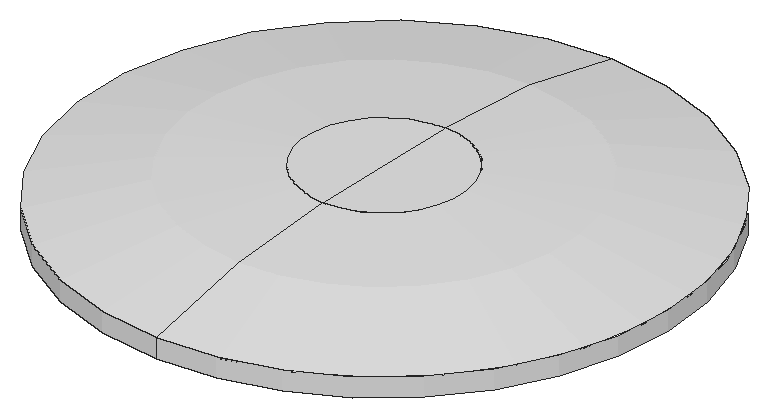
Revit family "Reece_Bath_LAUFEN_pro A_Freestanding Bath_1500 mm", category Plumbing Fixtures, Revit 2018
Family settings
  Round Connector Dimension = Use Diameter
  Part Type = Normal
  Work Plane-Based = Yes
  Always vertical = Yes
  Cut with Voids When Loaded = Yes
  Shared = Yes
  Room Calculation Point = Yes
Parameters (values of type "1500 mm_200 L_Marbond_White")
  URL = "https://www.reece.com.au/product/-9510103"
  Type Comments = "Bath"
  Reece_Product_Web Page = "https://www.reece.com.au/product/-9510103"
  Reece_Product_Type = "Bath"  # constant formula
  Reece_Product_Sub Brand = "Pro A"  # constant formula
  Reece_Product_Number = "9510103"
  Reece_Product_Mount = "Floor Mounted"
  Reece_Product_Description = "LAUFEN Pro Freestanding Bath with Overflow 1500x700 White"
  Reece_Product_Brand = "LAUFEN"  # constant formula
  Reece_Overall_Width = 700 mm  # constant formula
  Reece_Overall_Length = 1500 mm  # constant formula
  Reece_Overall_Height = 590 mm  # constant formula
  Reece_Overall_Capacity = 200 L  # constant formula
  Reece_Material_Main = Reece_Marbond_Solid_Surface_White
  Reece_Detail_Shape = ""
  Reece_Detail_Installation = ""
  Reece_Detail_Disclaimer = "THIS FILE IS THE PROPERTY OF THE REECE GROUP. IT MAY NOT BE REPRODUCED, REVERSE-ENGINEERED OR MODIFIED. ANY REPUBLICATION, TRANSMISSION OR DISTRIBUTION FOR THE PURPOSE OF COMMERCIALLY EXPLOITING THE FILES IS PROHIBITED."  # constant formula
  Reece_Detail_Connector = ""
  Reece_Detail_Additional = ""
  Reece_Bath_Outlet = 52 mm  # constant formula
  Model = "Pro A"
  Manufacturer = "LAUFEN"
  Keynote = "Product #9510103, Reece_Bath_LAUFEN_pro A_Freestanding Bath_1500 mm - 1500 mm_200 L_Marbond_White"
  Disclaimer = "THIS FILE IS THE PROPERTY OF THE REECE GROUP. IT MAY NOT BE REPRODUCED, REVERSE-ENGINEERED OR MODIFIED. ANY REPUBLICATION, TRANSMISSION OR DISTRIBUTION FOR THE PURPOSE OF COMMERCIALLY EXPLOITING THE FILES IS PROHIBITED."  # constant formula
  Description = "LAUFEN Pro Freestanding Bath with Overflow 1500x700 White"
  Default Elevation = 0 mm
Types (2, lengths in mm): name | Keynote
  (no name) | "Product #9510103, Reece_Bath_LAUFEN_pro A_Freestanding Bath_1500 mm -  "
  1500 mm_200 L_Marbond_White | "Product #9510103, Reece_Bath_LAUFEN_pro A_Freestanding Bath_1500 mm - 1500 mm_200 L_Marbond_White"
Reference planes
  plane 1 "Center (Front/Back)": y = 0
  plane 2 "Bottom Host Plane": z = 0
  plane 3 "Center (Left/Right)": x = 0
  plane 4 "left": x = -750
  plane 5 "back": y = 350
  plane 6 "front": y = -350
  plane 7 "right": x = 750
  plane 8: z = 590
  plane 9 "left base": x = -600
  plane 10 "right base": x = 600
  plane 11 "back base": y = 290
  plane 12 "front base": y = -290
  plane 13 "base": z = 140
  plane 14 "crease": z = 175
Forms (mm)
  Revolve 1, solid, material "Reece_Marbond_Solid_Surface_White" <- "Reece_Material_Main"
    sketch origin (0, 0, 0) x (0, 1, 0) y (0, 0, 1)
      loop
        line (0, 135) -> (21.611, 135) -> (26.378, 141.809) -> (35, 141.809) -> (35, 144.097)
        arc (35, 144.097) -> (22.322, 146.859) -> (9.38, 147.787) r 90.795
        line (9.38, 147.787) -> (0, 147.787) -> (0, 135)
      axis (0, 147.787) -> (0, 135)
    angle from 0 to 360
Lines and regions (mm)
  symbolic lines, style "PlumbingFixtures"
    curve 1: line (-310, 290, 140) -> (310, 290, 140)
    curve 2: line (-310, -290, 140) -> (310, -290, 140)
    curve 3: arc (-310, 290, 140) -> (-600, 0, 140) -> (-310, -290, 140) r 290
    curve 4: arc (310, 290, 140) -> (600, 0, 140) -> (310, -290, 140) r 290
  model lines, style "Reece_Model_Line"
    curve 5: arc (-367.203, 307.797, 175) -> (-675, 0, 175) -> (-367.203, -307.797, 175) r 307.797
    curve 6: line (367.203, 307.797, 175) -> (-367.203, 307.797, 175)
    curve 7: line (-367.203, -307.797, 175) -> (367.203, -307.797, 175)
    curve 8: arc (367.203, -307.797, 175) -> (675, 0, 175) -> (367.203, 307.797, 175) r 307.797
Text (mm)
  text "Reece ©" at (3296.894, -2242.338, 2477.58), in view "Reece Preview"
  text "Reece Copyright © 2018, Reece Ltd." at (-1387.562, -613.804, 0), in view "Ref. Level"
Dimensions and locks
  "Reece_Overall_Length": plane 4 "left" to plane 7 "right"
  "Reece_Overall_Width": plane 5 "back" to plane 6 "front"
  equal spacing: plane 6 "front", plane 1 "Center (Front/Back)", plane 5 "back"
  equal spacing: plane 4 "left", plane 3 "Center (Left/Right)", plane 7 "right"
  "Reece_Overall_Height": plane 8 to plane 2 "Bottom Host Plane"
  plane 9 "left base" to plane 10 "right base" = 1200 mm
  plane 4 "left" to plane 3 "Center (Left/Right)" = 750 mm
  plane 11 "back base" to plane 12 "front base" = 580 mm
  plane 5 "back" to plane 1 "Center (Front/Back)" = 350 mm
  plane 8 to plane 13 "base" = 450 mm
  plane 7 "right" to plane 4 "left" = 1500 mm
  plane 5 "back" to plane 6 "front" = 700 mm
  "Reece_Overall_Height": plane 8 to free form element
Automatic sketch dimensions
  curve 2 to plane 12 "front base" = 0 mm
  curve 2 to plane 10 "right base" = 290 mm
  plane 9 "left base" to curve 2 = 290 mm
  plane 1 "Center (Front/Back)" to curve 4 = 0 mm
  Revolve 1 sketch curve to plane 1 "Center (Front/Back)" = 0 mm  (x2)
  Revolve 1 sketch curve to plane 1 "Center (Front/Back)" = 9.38 mm
  Revolve 1 sketch curve to plane 13 "base" = 5 mm
  Revolve 1 sketch curve to Revolve 1 sketch curve = 12.231 mm
  plane 13 "base" to Revolve 1 sketch curve = 1.809 mm
  Revolve 1 sketch curve to Revolve 1 sketch curve = 4.768 mm
  Revolve 1 sketch curve to Revolve 1 sketch curve = 8.622 mm
  level to Revolve 1 sketch curve = 56.992 mm
  Revolve 1 sketch curve to Revolve 1 sketch curve = 2.288 mm
  plane 14 "crease" to Revolve 1 sketch curve = 55 mm
  Revolve 1 sketch curve to Revolve 1 sketch curve = 30 mm
  plane 1 "Center (Front/Back)" to curve 8 = 0 mm
  curve 8 to plane 10 "right base" = 232.797 mm
  plane 11 "back base" to curve 6 = 17.797 mm
  plane 9 "left base" to curve 6 = 232.797 mm
Connectors
  piping at (0, 0, 0), diameter 52, driven by "Reece_Bath_Outlet"
    settings: on free form element, index 1, connector inside diameter 609.6 mm, connector length 0 mm, flow factor 0, pipe flow 0.0 L/s, pressure drop 0.0 Pa, fitting loss kfactor 0, connector angle 0.00°, fixture units 0, engagement length 0 mm, angle of deflection 0.00°, flow configuration 0, flow direction 2, fitting loss method 0, system type 16, joint type 0, gender type 0, connector reference index -1, connector utility 0, adjustable connector no, is connector primary yes, connector description ""
